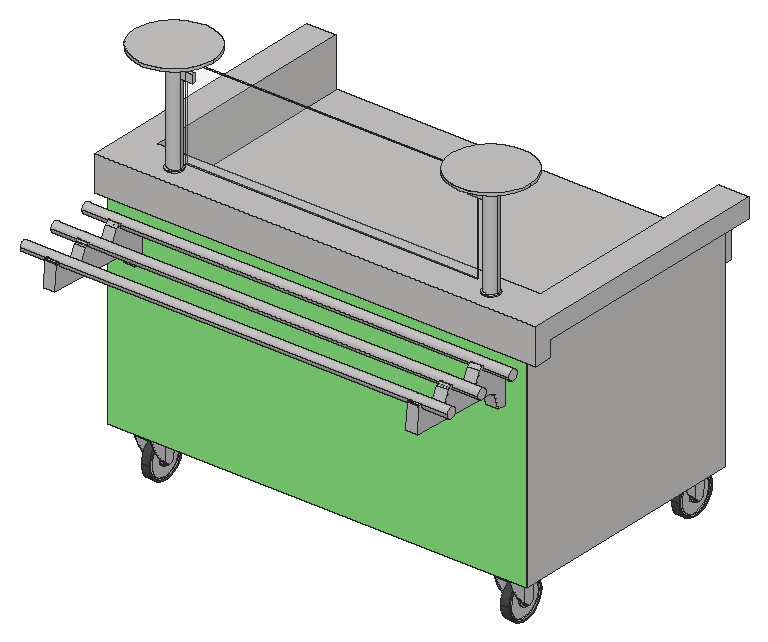
Revit family "QF_BOURGEAT_Self_GN3_Meuble_neutre_dessus_decaisse", category Equipement spécialisé, Revit 2015
Parameters (values of type "GN3_+_roues_+_pare_haleine")
  lg_pare_haleine = 980 mm
  URL catalogue = "http://www.bourgeat.fr/fr/"
  URL = ""
  Type article = ""
  Spécification du Fabricant = "Meuble_dessus_decaisse_OASIS"
  Roues = yes
  Profondeur hors tout = 820 mm
  Poids net à vide = 145.00 kg
  Pieds = no
  lgmeuble = Longueur hors tout - 68 mm  # 1297 mm
  lgconsole = Longueur hors tout - 44 mm  # 1321 mm
  Pare_haleine = yes
  Nature isolant = "laine de verre"
  Modèle = "854123+854950+854973"
  Longueur hors tout = 1365 mm
  Hauteur hors tout = 1310 mm
  Fabricant = "BOURGEAT"
  Etageres = no
  Contact SAV = "0033 (0)4.76.32.14.44"
  Charge max = 150.00 kg
  Certification = "NF alimentaire"
Types (8, lengths in mm): name | Roues | Pieds | Pare_haleine | Modèle | Hauteur hors tout | Etageres
  GN3_+_pied | no | yes | no | "854123" | 900 | no
  GN3_+_etageres | no | yes | no | "854123+854963" | 900 | yes
  GN3_+_pare_haleine | no | yes | yes | "854123+854973" | 1310 | no
  GN3_+_roues | yes | no | no | "854123+854950" | 900 | no
  GN3_+_roues_+_etageres | yes | no | no | "854123+854950+854963" | 900 | yes
  GN3_+_roues_+_pare_haleine | yes | no | yes | "854123+854950+854973" | 1310 | no
  GN3_+_roues_+_etageres_+_pare_haleine | yes | no | yes | "854123+854950+854963+854973" | 1310 | yes
  GN3_+_etageres_+_pare_haleine | no | yes | yes | "854123+854963" | 1310 | yes
Reference planes
  plane 1 "Centre (avant/arrière)": y = 0
  plane 2: z = 0
  plane 3 "Centre (gauche/droite)": x = 0
  plane 4: z = 235
  plane 5: z = 465
  plane 6: z = 284
  plane 7: z = 640
  plane 8: y = 812
  plane 9: y = 58
  plane 10: y = 590
  plane 11: x = -1052.5
Forms (mm)
  Extrusion 1, solid
    sketch origin (-964.434, 20.176, 0) x (1, 0, 0) y (0, 1, 0)
      loop
        circle (-88.066, 569.824) r 10
    from 149.89 to 160
  Extrusion 2, solid
    sketch origin (22.434, 20.176, 0) x (-1, 0, 0) y (0, -1, 0)
      loop
        circle (-88.066, -569.824) r 10
    from 149.89 to 160
Dimensions and locks
  locked: plane 4 to plane 2 at 235
  locked: plane 6 to plane 2 at 284
  locked: plane 7 to plane 2 at 640
  equal spacing: nested 4, plane 9, nested 4, locked at 66 each
  locked: nested 5 to plane 10 at 175
  locked: nested 5 to plane 11 at 66
  aligned and locked: level to plane 2
  aligned and locked: plane 7 to nested 1
  aligned and locked: plane 4 to nested 3
  aligned and locked: nested 2 to plane 5
  aligned and locked: plane 1 "Centre (avant/arrière)" to nested 5
  aligned and locked: nested 4 to plane 8
  aligned and locked: nested 4 to nested 5
  aligned and locked: nested 4 to nested 2
  aligned and locked: nested 4 to nested 3
  aligned and locked: nested 4 to nested 1
  aligned and locked: nested 5 to plane 2
  aligned and locked: nested 6 to nested 4
  aligned and locked: nested 6 to plane 9
  aligned and locked: nested 4 to nested 6
  aligned and locked: nested 1 to nested 5
  aligned and locked: plane 11 to Extrusion 1 sketch curve
  aligned and locked: plane 10 to Extrusion 1 sketch curve
  aligned and locked: plane 7 to nested 7
  aligned and locked: nested 7 to nested 5
Automatic sketch dimensions
  plane 10 to Extrusion 2 sketch curve = 0 mm
  Extrusion 2 sketch curve to plane 3 "Centre (gauche/droite)" = 110.5 mm
  radius of Extrusion 1 sketch curve = 10 mm
  radius of Extrusion 2 sketch curve = 10 mm
Nested families
  nested 1: "barre_et_console" at (-471, 0, 465) x (-1, 0, 0) z (0, 0, 1), type "barre_et_console"
    with lg_ht 1365 mm, lg_barre_console 1321 mm
  nested 2: "etagere" at (-471, 100.176, 427) x (-1, 0, 0) z (0, 0, 1), visible <- "Etageres", type "etagere"
    with lg_etagere 893 mm
  nested 3: "etagere" at (-471, 100.176, 197) x (-1, 0, 0) z (0, 0, 1), visible <- "Etageres", type "etagere"
    with lg_etagere 893 mm
  nested 4: "cuve_2GN" at (-471, 402, 705) x (-1, 0, 0) z (0, 0, 1), type "cuve_2GN"
  nested 5: "corps_meuble_dessus_decaisse" at (176.5, 0, 160), type "corps_meuble_dessus_decaisse"
    with lg_meuble 1295 mm, lg_ht 1365 mm
  nested 6: "pare_haleine" at (-471, 58, 900), visible <- "Pare_haleine", type "pare_haleine"
    with lg_ht 980 mm, lg_entre_axe 980 mm
  nested 7: "Prise" at (-916.5, 637, 597) x (0, 1, 0) z (0, 0, 1), type "Prise"
Connectors
  electrical at (-1052.5, 590, 149.89)
    settings: on Extrusion 1, index 1, voltage 0 V, apparent load 0 VA, apparent load phase1 0 VA, apparent load phase2 0 VA, apparent load phase3 0 VA, power factor 1, load classification "Autre", number of poles 1, system type 30, power factor state 1, is connector primary yes, connector utility no, sub classification motor no, connector description ""
  electrical at (110.5, 590, 149.89)
    settings: on Extrusion 2, index 2, voltage 0 V, apparent load 0 VA, apparent load phase1 0 VA, apparent load phase2 0 VA, apparent load phase3 0 VA, power factor 1, load classification "Autre", number of poles 1, system type 30, power factor state 1, is connector primary no, connector utility no, sub classification motor no, connector description ""
Definition of nested family "barre_et_console"
  Parameters (values of type "barre_et_console")
    lg_ht = 1014 mm
    lg_barre_console = lg_ht - 44 mm  # 970 mm
  Reference planes
    plane 1 "Centre (avant/arrière)": y = 0
    plane 2: z = 0
    plane 3 "Centre (gauche/droite)": x = 0
    plane 4: x = -485
    plane 5: x = 485
    plane 6: x = -385
    plane 7: x = 385
    plane 8: z = 320.378
    plane 9: z = 175
  Dimensions and locks
    locked: plane 4 to plane 6 at 100
    locked: plane 7 to plane 5 at 100
    equal spacing: plane 4, plane 3 "Centre (gauche/droite)", plane 5
    "lg_barre_console": plane 4 to plane 5
    aligned and locked: level to plane 2
    aligned and locked: nested 1 to plane 1 "Centre (avant/arrière)"
    aligned and locked: plane 6 to nested 1
    aligned and locked: plane 7 to nested 2
    aligned and locked: plane 5 to nested 3
    aligned and locked: nested 3 to plane 4
    aligned and locked: plane 8 to nested 3
    aligned and locked: plane 9 to nested 1
  Nested families
    nested 1: "console" at (-385, 0, 0) x (0, 1, 0) z (0, 0, 1), type "console"
    nested 2: "console" at (385, 0, 0) x (0, 1, 0) z (0, 0, 1), type "console"
    nested 3: "barre" at (485, 0, 19.415) x (0, 1, 0) z (0, 0, 1), type "barre"
  Definition of nested family "console"
    Reference planes
      plane 1 "Centre (avant/arrière)": y = 0
      plane 2: z = 0
      plane 3 "Centre (gauche/droite)": x = 0
      plane 4: y = 18
      plane 5: y = -18
      plane 6: y = 0
    Forms (mm)
      Extrusion 1, solid
        sketch origin (-12.245, 0, 175) x (1, 0, 0) y (0, 0, 1)
          loop
            line (12.245, 100) -> (12.245, 0) -> (39.579, 4.82) -> (50.894, 44.279)
            arc (50.894, 44.279) -> (55.986, 52.254) -> (64.592, 56.187) r 16.714
            line (64.592, 56.187) -> (348.499, 69.146) -> (343.309, 143.358)
            arc (343.309, 143.358) -> (342.973, 144.595) -> (342.189, 145.609) r 3.292
            line (342.189, 145.609) -> (337.923, 148.439)
            arc (337.923, 148.439) -> (337.371, 148.545) -> (336.906, 148.229) r 0.731
            arc (336.906, 148.229) -> (320.176, 130.386) -> (309.012, 152.149) r 14.958
            arc (309.012, 152.149) -> (308.597, 152.587) -> (308.001, 152.491) r 0.646
            line (308.001, 152.491) -> (297.265, 144.401) -> (278.874, 108.385)
            arc (278.874, 108.385) -> (262.102, 99.164) -> (245.329, 108.385) r 19.864
            line (245.329, 108.385) -> (229.634, 139.188) -> (217.945, 148.321)
            arc (217.945, 148.321) -> (217.306, 148.53) -> (216.976, 147.944) r 0.53
            arc (216.976, 147.944) -> (200.124, 130.629) -> (188.973, 152.064) r 14.905
            arc (188.973, 152.064) -> (188.691, 152.524) -> (188.154, 152.476) r 0.511
            line (188.154, 152.476) -> (177.098, 144.144) -> (158.855, 108.341)
            arc (158.855, 108.341) -> (142.039, 98.901) -> (125.223, 108.341) r 19.698
            line (125.223, 108.341) -> (109.334, 139.526) -> (97.932, 148.434)
            arc (97.932, 148.434) -> (97.187, 148.438) -> (96.994, 147.718) r 0.61
            arc (96.994, 147.718) -> (79.923, 130.663) -> (69.024, 152.192) r 14.902
            arc (69.024, 152.192) -> (68.66, 152.548) -> (68.158, 152.464) r 0.563
            line (68.158, 152.464) -> (57.103, 144.336) -> (39.164, 108.745)
            arc (39.164, 108.745) -> (33.443, 102.448) -> (25.295, 100) r 15.908
            line (25.295, 100) -> (12.245, 100)
        from -18 to 18
    Dimensions and locks
      plane 4 to plane 5 = 36 mm
      equal spacing: plane 4, plane 6, plane 5, locked at 18 each
      aligned and locked: level to plane 2
      aligned and locked: plane 4 to Extrusion 1
      aligned and locked: Extrusion 1 to plane 5
      aligned and locked: plane 6 to plane 1 "Centre (avant/arrière)"
      aligned and locked: Extrusion 1 to plane 3 "Centre (gauche/droite)"
    Automatic sketch dimensions
      Extrusion 1 sketch curve to Extrusion 1 sketch curve = 12.714 mm
      Extrusion 1 sketch curve to Extrusion 1 sketch curve = 13.05 mm
      Extrusion 1 sketch curve to Extrusion 1 sketch curve = 14.206 mm
      Extrusion 1 sketch curve to Extrusion 1 sketch curve = 27.334 mm
      Extrusion 1 sketch curve to Extrusion 1 sketch curve = 11.315 mm
      Extrusion 1 sketch curve to Extrusion 1 sketch curve = 17.938 mm
      Extrusion 1 sketch curve to Extrusion 1 sketch curve = 13.698 mm
      Extrusion 1 sketch curve to Extrusion 1 sketch curve = 16.057 mm
      Extrusion 1 sketch curve to Extrusion 1 sketch curve = 11.055 mm
      Extrusion 1 sketch curve to Extrusion 1 sketch curve = 0.333 mm
      Extrusion 1 sketch curve to Extrusion 1 sketch curve = 13.785 mm
      Extrusion 1 sketch curve to Extrusion 1 sketch curve = 15.28 mm
      Extrusion 1 sketch curve to Extrusion 1 sketch curve = 0.376 mm
      Extrusion 1 sketch curve to Extrusion 1 sketch curve = 11.401 mm
      Extrusion 1 sketch curve to Extrusion 1 sketch curve = 15.89 mm
      Extrusion 1 sketch curve to Extrusion 1 sketch curve = 16.816 mm  (x2)
      Extrusion 1 sketch curve to Extrusion 1 sketch curve = 18.243 mm
      Extrusion 1 sketch curve to Extrusion 1 sketch curve = 11.057 mm
      Extrusion 1 sketch curve to Extrusion 1 sketch curve = 0.308 mm
      Extrusion 1 sketch curve to Extrusion 1 sketch curve = 13.831 mm
      Extrusion 1 sketch curve to Extrusion 1 sketch curve = 15.204 mm
      Extrusion 1 sketch curve to Extrusion 1 sketch curve = 0.447 mm
      Extrusion 1 sketch curve to Extrusion 1 sketch curve = 11.69 mm
      Extrusion 1 sketch curve to Extrusion 1 sketch curve = 15.695 mm
      Extrusion 1 sketch curve to Extrusion 1 sketch curve = 16.772 mm  (x2)
      Extrusion 1 sketch curve to Extrusion 1 sketch curve = 18.391 mm
      Extrusion 1 sketch curve to Extrusion 1 sketch curve = 10.737 mm
      Extrusion 1 sketch curve to Extrusion 1 sketch curve = 0.389 mm
      Extrusion 1 sketch curve to Extrusion 1 sketch curve = 13.868 mm
      Extrusion 1 sketch curve to Extrusion 1 sketch curve = 15.261 mm
      Extrusion 1 sketch curve to Extrusion 1 sketch curve = 0.404 mm
      Extrusion 1 sketch curve to Extrusion 1 sketch curve = 2.506 mm
      Extrusion 1 sketch curve to Extrusion 1 sketch curve = 2.164 mm
      Extrusion 1 sketch curve to Extrusion 1 sketch curve = 1.12 mm
      Extrusion 1 sketch curve to Extrusion 1 sketch curve = 5.189 mm
      Extrusion 1 sketch curve to Extrusion 1 sketch curve = 4.639 mm
      Extrusion 1 sketch curve to Extrusion 1 sketch curve = 55.721 mm
      Extrusion 1 sketch curve to Extrusion 1 sketch curve = 8.745 mm
      Extrusion 1 sketch curve to Extrusion 1 sketch curve = 10.259 mm
      Extrusion 1 sketch curve to Extrusion 1 sketch curve = 10.642 mm
      Extrusion 1 sketch curve to Extrusion 1 sketch curve = 9.133 mm
      Extrusion 1 sketch curve to Extrusion 1 sketch curve = 31.185 mm
      Extrusion 1 sketch curve to Extrusion 1 sketch curve = 35.803 mm
      Extrusion 1 sketch curve to Extrusion 1 sketch curve = 35.592 mm
      Extrusion 1 sketch curve to Extrusion 1 sketch curve = 3.24 mm
      Extrusion 1 sketch curve to Extrusion 1 sketch curve = 2.946 mm
      Extrusion 1 sketch curve to Extrusion 1 sketch curve = 1.042 mm
      Extrusion 1 sketch curve to Extrusion 1 sketch curve = 0.609 mm
      Extrusion 1 sketch curve to Extrusion 1 sketch curve = 8.427 mm
      Extrusion 1 sketch curve to Extrusion 1 sketch curve = 0.286 mm
      Extrusion 1 sketch curve to Extrusion 1 sketch curve = 0.481 mm
      Extrusion 1 sketch curve to Extrusion 1 sketch curve = 0.516 mm
      Extrusion 1 sketch curve to Extrusion 1 sketch curve = 7.674 mm
      Extrusion 1 sketch curve to Extrusion 1 sketch curve = 7.924 mm
      Extrusion 1 sketch curve to Extrusion 1 sketch curve = 0.453 mm
      Extrusion 1 sketch curve to Extrusion 1 sketch curve = 0.408 mm
      Extrusion 1 sketch curve to Extrusion 1 sketch curve = 0.533 mm
      Extrusion 1 sketch curve to Extrusion 1 sketch curve = 0.511 mm
      Extrusion 1 sketch curve to Extrusion 1 sketch curve = 0.622 mm
      Extrusion 1 sketch curve to Extrusion 1 sketch curve = 4.82 mm
      Extrusion 1 sketch curve to Extrusion 1 sketch curve = 34.82 mm
      Extrusion 1 sketch curve to Extrusion 1 sketch curve = 76.232 mm
      Extrusion 1 sketch curve to Extrusion 1 sketch curve = 37.038 mm
      Extrusion 1 sketch curve to Extrusion 1 sketch curve = 39.239 mm
      Extrusion 1 sketch curve to Extrusion 1 sketch curve = 30.803 mm
      Extrusion 1 sketch curve to Extrusion 1 sketch curve = 34.743 mm
      Extrusion 1 sketch curve to Extrusion 1 sketch curve = 0.23 mm
      Extrusion 1 sketch curve to Extrusion 1 sketch curve = 36.015 mm
      Extrusion 1 sketch curve to Extrusion 1 sketch curve = 2.071 mm
      Extrusion 1 sketch curve to Extrusion 1 sketch curve = 7.575 mm
      Extrusion 1 sketch curve to plane 3 "Centre (gauche/droite)" = 0 mm
      level to Extrusion 1 sketch curve = 175 mm
  Definition of nested family "barre"
    Parameters (values of type "barre")
      lg_barre = 970 mm
    Reference planes
      plane 1 "Centre (avant/arrière)": y = 0
      plane 2: z = 0
      plane 3 "Centre (gauche/droite)": x = 0
      plane 4: x = 70
      plane 5: x = 190
      plane 6: x = 309
      plane 7: z = 300.963
      plane 8: z = 94.658
      plane 9: y = 0
      plane 10: y = 970
    Forms (mm)
      Extrusion 1, solid
        sketch origin (0, 0, 0) x (1, 0, 0) y (0, 0, 1)
          loop
            circle (70, 300.963) r 15
          loop
            circle (190, 300.963) r 15
          loop
            circle (309, 300.963) r 15
        from 0 to -970
    Dimensions and locks
      plane 4 to plane 3 "Centre (gauche/droite)" = 70 mm
      plane 6 to plane 5 to plane 4 = 119 mm, 120 mm
      "lg_barre": plane 10 to plane 1 "Centre (avant/arrière)"
      aligned and locked: level to plane 2
      aligned and locked: Extrusion 1 to plane 9
      aligned and locked: plane 9 to plane 1 "Centre (avant/arrière)"
      aligned and locked: plane 10 to Extrusion 1
    Automatic sketch dimensions
      Extrusion 1 sketch curve to plane 4 = 0 mm
      Extrusion 1 sketch curve to plane 5 = 0 mm
      Extrusion 1 sketch curve to plane 6 = 0 mm
      Extrusion 1 sketch curve to plane 7 = 0 mm  (x3)
      radius of Extrusion 1 sketch curve = 15 mm  (x3)
Definition of nested family "etagere"
  Parameters (values of type "etagere")
    lg_etagere = 542 mm
  Reference planes
    plane 1 "Centre (avant/arrière)": y = 0
    plane 2: z = 0
    plane 3 "Centre (gauche/droite)": x = 0
    plane 4: y = -625
    plane 5: y = -623
    plane 6: y = -2
    plane 7: x = 0
  Forms (mm)
    Extrusion 1, solid
      sketch origin (0, 0, 0) x (0, 1, 0) y (0, 0, 1)
        loop
          line (0, 119.481) -> (-2, 119.481) -> (-2, 40) -> (-625, 40) -> (-625, 0) -> (-623, 0) -> (-623, 38) -> (0, 38) -> (0, 119.481)
      from -271 to 271
  Dimensions and locks
    locked: plane 6 to plane 1 "Centre (avant/arrière)" at 2
    locked: plane 4 to plane 5 at 2
    plane 4 to plane 1 "Centre (avant/arrière)" = 625 mm
    equal spacing: Extrusion 1, plane 7, Extrusion 1
    "lg_etagere": Extrusion 1 to Extrusion 1
    aligned and locked: level to plane 2
    aligned and locked: plane 2 to Extrusion 1 sketch curve
    aligned and locked: plane 1 "Centre (avant/arrière)" to Extrusion 1 sketch curve
    aligned and locked: plane 4 to Extrusion 1
    aligned and locked: plane 5 to Extrusion 1
    aligned and locked: Extrusion 1 to plane 6
    aligned and locked: plane 3 "Centre (gauche/droite)" to plane 7
  Automatic sketch dimensions
    Extrusion 1 sketch curve to plane 4 = 0 mm
    Extrusion 1 sketch curve to plane 5 = 0 mm
    Extrusion 1 sketch curve to plane 6 = 0 mm
    level to Extrusion 1 sketch curve = 38 mm
    Extrusion 1 sketch curve to Extrusion 1 sketch curve = 2 mm
    Extrusion 1 sketch curve to Extrusion 1 sketch curve = 79.481 mm
Definition of nested family "cuve_2GN"
  Parameters (values of type "cuve_2GN")
    longueur_cuve = 1365 mm
  Reference planes
    plane 1 "Centre (avant/arrière)": y = 0
    plane 2: z = 0
    plane 3 "Centre (gauche/droite)": x = 0
    plane 4: x = 682.5
    plane 5: x = -682.5
    plane 6: y = 410
    plane 7: y = -410
    plane 8: x = -592.5
    plane 9: x = 592.5
    plane 10: y = 278
    plane 11: z = 195
    plane 12: x = -628.5
    plane 13: x = 628.5
    plane 14: z = 135
    plane 15: y = 356
    plane 16: z = 85
  Forms (mm)
    Extrusion 1, solid
      sketch origin (0, 0, 0) x (1, 0, 0) y (0, 1, 0)
        loop
          line (-682.5, 410) -> (-682.5, -410) -> (-592.5, -410) -> (-592.5, 278) -> (592.5, 278) -> (592.5, -410) -> (682.5, -410) -> (682.5, 410) -> (-682.5, 410)
      from 0 to 195
    Extrusion 2, solid
      sketch origin (0, 0, 0) x (1, 0, 0) y (0, 0, 1)
        loop
          line (-592.5, 0) -> (592.5, 0) -> (592.5, 45.074) -> (-592.5, 45.074) -> (-592.5, 0)
      from -278 to 410
    Extrusion 3, void
      sketch origin (0, 0, 0) x (1, 0, 0) y (0, 0, 1)
        loop
          line (-1122.631, 135) -> (-1122.631, -78.924) -> (-628.5, -78.924) -> (-628.5, 135) -> (-1122.631, 135)
        loop
          line (1154.213, 135) -> (628.5, 135) -> (628.5, -387.537) -> (1154.213, -387.537) -> (1154.213, 135)
      from -356 to 637.488
    Extrusion 4, void
      sketch origin (0, 0, 0) x (0, 1, 0) y (0, 0, 1)
        loop
          line (356, 85) -> (356, 0) -> (410, 0) -> (410, 85) -> (356, 85)
      from -682.5 to 682.5
  Cuts and joins
    Extrusion 3, Extrusion 4 cuts Extrusion 1
  Dimensions and locks
    equal spacing: plane 5, plane 3 "Centre (gauche/droite)", plane 4
    "longueur_cuve": plane 5 to plane 4
    plane 6 to plane 7 = 820 mm
    equal spacing: plane 6, plane 1 "Centre (avant/arrière)", plane 7
    locked: plane 5 to plane 8 at 90
    locked: plane 9 to plane 4 at 90
    locked: plane 6 to plane 10 at 132
    locked: plane 5 to plane 12 at 54
    locked: plane 4 to plane 13 at 54
    aligned and locked: level to plane 2
    aligned and locked: Extrusion 1 sketch curve to plane 6
    aligned and locked: Extrusion 1 sketch curve to plane 5
    aligned and locked: Extrusion 1 sketch curve to plane 4
    aligned and locked: Extrusion 1 sketch curve to plane 7
    aligned and locked: plane 8 to Extrusion 1 sketch curve
    aligned and locked: Extrusion 1 sketch curve to plane 10
    aligned and locked: plane 9 to Extrusion 1 sketch curve
    aligned and locked: plane 7 to Extrusion 1 sketch curve
    aligned and locked: Extrusion 1 to plane 11
    aligned and locked: Extrusion 2 to Extrusion 1  (x2)
    aligned and locked: Extrusion 3 sketch curve to plane 14  (x2)
    aligned and locked: Extrusion 3 sketch curve to plane 12
    aligned and locked: Extrusion 3 sketch curve to plane 13
    aligned and locked: plane 15 to Extrusion 3
    aligned and locked: plane 16 to Extrusion 4 sketch curve
    aligned and locked: plane 15 to Extrusion 4 sketch curve
    aligned and locked: Extrusion 4 sketch curve to cut or joined group of Extrusion 1, Extrusion 3, Extrusion 4  (x2)
    aligned and locked: Extrusion 1 to Extrusion 4
    aligned and locked: Extrusion 4 to Extrusion 1
  Automatic sketch dimensions
    Extrusion 2 sketch curve to plane 8 = 0 mm
    plane 9 to Extrusion 2 sketch curve = 0 mm
    Extrusion 2 sketch curve to level = 0 mm
    level to Extrusion 2 sketch curve = 45.074 mm
    plane 5 to Extrusion 3 sketch curve = 440.131 mm
    plane 4 to Extrusion 3 sketch curve = 471.713 mm
    Extrusion 3 sketch curve to level = 387.537 mm
    Extrusion 3 sketch curve to level = 78.924 mm
Definition of nested family "corps_meuble_dessus_decaisse"
  Parameters (values of type "corps_meuble_dessus_decaisse")
    roues = yes
    pieds = no
    lg_meuble = lg_ht - 70 mm  # 944 mm
    lg_ht = 1014 mm
  Reference planes
    plane 1 "Centre (avant/arrière)": y = 0
    plane 2: z = 0
    plane 3 "Centre (gauche/droite)": x = 0
    plane 4: x = -480.227
    plane 5: z = 680
    plane 6: x = -472
    plane 7: x = -379.227
    plane 8: x = -944
    plane 9: x = -926
    plane 10: x = -202
    plane 11: x = -18
    plane 12: x = -742
    plane 13: x = -854
    plane 14: x = -90
    plane 15: z = 519
    plane 16: x = -851
    plane 17: x = -93
    plane 18: y = 53
    plane 19: y = 712
    plane 20: y = 402
    plane 21: z = 570
    plane 22: y = -1
  Forms (mm)
    Extrusion 1, solid
      sketch origin (-379.227, -50.814, 0) x (1, 0, 0) y (0, 1, 0)
        loop
          line (-564.773, 815.814) -> (-564.773, 50.814) -> (379.227, 50.814) -> (379.227, 815.814) -> (177.227, 815.814) -> (177.227, 130.814) -> (-362.773, 130.814) -> (-362.773, 815.814) -> (-564.773, 815.814)
      from 0 to 680
    Extrusion 2, void
      sketch origin (-379.227, 0, 0) x (1, 0, 0) y (0, 1, 0)
        loop
          line (-546.773, 870) -> (-546.773, 80) -> (361.227, 80) -> (361.227, 870) -> (-546.773, 870)
      from 570 to 680
    Extrusion 3, solid
      sketch origin (0, 0, 0) x (1, 0, 0) y (0, 0, 1)
        loop
          line (-944, 680) -> (-944, 0) -> (0, 0) -> (0, 680) -> (-944, 680)
      from 0 to 1
  Cuts and joins
    Extrusion 2 cuts Extrusion 1
  Dimensions and locks
    locked: plane 5 to plane 2 at 680
    plane 8 to plane 9 = 18 mm
    locked: plane 10 to plane 3 "Centre (gauche/droite)" at 202
    locked: plane 11 to plane 3 "Centre (gauche/droite)" at 18
    equal spacing: plane 8, plane 6, plane 3 "Centre (gauche/droite)"
    "lg_meuble": plane 8 to plane 3 "Centre (gauche/droite)"
    locked: plane 8 to plane 12 at 202
    locked: plane 8 to plane 13 at 90
    locked: plane 14 to plane 3 "Centre (gauche/droite)" at 90
    locked: plane 15 to plane 2 at 519
    locked: plane 8 to plane 16 at 93
    locked: plane 17 to plane 3 "Centre (gauche/droite)" at 93
    locked: cut or joined group of Extrusion 1, Extrusion 2 to plane 20 at 363
    plane 5 to plane 21 = 110 mm
    aligned and locked: level to plane 2
    aligned and locked: plane 5 to Extrusion 1
    aligned and locked: cut or joined group of Extrusion 1, Extrusion 2 to plane 8
    aligned and locked: Extrusion 2 to plane 9
    aligned and locked: Extrusion 1 to plane 10
    aligned and locked: plane 11 to cut or joined group of Extrusion 1, Extrusion 2
    aligned and locked: plane 12 to cut or joined group of Extrusion 1, Extrusion 2
    aligned and locked: plane 13 to nested 1
    aligned and locked: plane 19 to nested 1
    aligned and locked: nested 2 to plane 18
    aligned and locked: plane 13 to nested 2
    aligned and locked: nested 3 to plane 18
    aligned and locked: plane 17 to nested 3
    aligned and locked: plane 19 to nested 4
    aligned and locked: plane 17 to nested 4
    aligned and locked: plane 17 to nested 7
    aligned and locked: plane 19 to nested 7
    aligned and locked: nested 8 to plane 18
    aligned and locked: plane 17 to nested 8
    aligned and locked: nested 6 to plane 18
    aligned and locked: plane 13 to nested 6
    aligned and locked: plane 13 to nested 5
    aligned and locked: plane 19 to nested 5
    aligned and locked: nested 2 to plane 2
    aligned and locked: nested 1 to plane 2
    aligned and locked: nested 5 to plane 2
    aligned and locked: nested 8 to plane 2
    aligned and locked: nested 7 to plane 2
    aligned and locked: nested 3 to plane 2
    aligned and locked: nested 4 to plane 2
    aligned and locked: cut or joined group of Extrusion 1, Extrusion 2 to plane 21
    aligned and locked: Extrusion 2 to Extrusion 1
    aligned and locked: Extrusion 3 sketch curve to cut or joined group of Extrusion 1, Extrusion 2  (x4)
    aligned and locked: Extrusion 3 to plane 22
  Automatic sketch dimensions
    Extrusion 1 sketch curve to plane 8 = 0 mm
    Extrusion 1 sketch curve to plane 10 = 0 mm
    plane 1 "Centre (avant/arrière)" to Extrusion 1 sketch curve = 0 mm
    Extrusion 1 sketch curve to plane 3 "Centre (gauche/droite)" = 0 mm
    Extrusion 1 sketch curve to plane 1 "Centre (avant/arrière)" = 80 mm
    Extrusion 1 sketch curve to plane 6 = 270 mm
    Extrusion 1 sketch curve to Extrusion 1 sketch curve = 685 mm
    Extrusion 1 sketch curve to Extrusion 1 sketch curve = 765 mm
    Extrusion 2 sketch curve to plane 9 = 0 mm
    Extrusion 2 sketch curve to plane 11 = 0 mm
    Extrusion 2 sketch curve to plane 1 "Centre (avant/arrière)" = 80 mm
    Extrusion 2 sketch curve to Extrusion 2 sketch curve = 790 mm
  Nested families
    nested 1: "pied" at (-854, 712, -160), visible <- "pieds", type "pied"
    nested 2: "pied" at (-854, 53, -160), visible <- "pieds", type "pied"
    nested 3: "pied" at (-93, 53, -160), visible <- "pieds", type "pied"
    nested 4: "pied" at (-93, 712, -160), visible <- "pieds", type "pied"
    nested 5: "roue_ht160" at (-854, 712, -160.21), visible <- "roues", type "roue_ht160"
      with Sans frein yes, Avec frein yes
    nested 6: "roue_ht160" at (-854, 53, -160.21), visible <- "roues", type "roue_ht160"
      with Sans frein yes, Avec frein yes
    nested 7: "roue_ht160" at (-93, 712, -160.21), visible <- "roues", type "roue_ht160"
      with Sans frein yes, Avec frein yes
    nested 8: "roue_ht160" at (-93, 53, -160.21), visible <- "roues", type "roue_ht160"
      with Sans frein yes, Avec frein yes
  Definition of nested family "pied"
    Reference planes
      plane 1 "Centre (avant/arrière)": y = 0
      plane 2: z = 0
      plane 3 "Centre (gauche/droite)": x = 0
    Forms (mm)
      Revolve 1, solid
        sketch origin (0, 0, 0) x (1, 0, 0) y (0, 0, 1)
          loop
            line (0, 160) -> (-33, 160) -> (-33, 70) -> (-28, 70) -> (-28, 0) -> (0, 0) -> (0, 160)
          axis (0, 160) -> (0, 0)
        angle from 0 to 360
    Dimensions and locks
      plane 3 "Centre (gauche/droite)" to Revolve 1 sketch curve = 28 mm
      Revolve 1 sketch curve to plane 3 "Centre (gauche/droite)" = 33 mm
      Revolve 1 sketch curve to plane 2 = 70 mm
      Revolve 1 sketch curve to Revolve 1 sketch curve = 90 mm
      aligned and locked: level to plane 2
  Definition of nested family "roue_ht160"
    Parameters (values of type "roue_ht160")
      Sans frein [instance] = yes
      Avec frein [instance] = yes
    Reference planes
      plane 1 "Centre (avant/arrière)": y = 0
      plane 2: z = 0
      plane 3 "Centre (gauche/droite)": x = 0
      plane 4: y = 40.851
      plane 5: z = 62.5
    Forms (mm)
      Extrusion 1, solid
        sketch origin (0, 0, 0) x (0, 1, 0) y (0, 0, 1)
          loop
            circle (40.851, 62.5) r 62.5
          loop
            circle (40.851, 62.5) r 57.5
        from -12.5 to 12.5
      Revolve 2, solid
        sketch origin (0, 0, 0) x (0, 1, 0) y (0, 0, 1)
          loop
            line (0, 160.21) -> (-20.149, 160.21) -> (-20.149, 159.41) -> (-21.6, 159.41)
            arc (-21.6, 159.41) -> (-24.448, 158.65) -> (-26.537, 156.572) r 5.712
            line (-26.537, 156.572) -> (-30.146, 147.743) -> (-26.999, 147.062) -> (-26.999, 146.112)
            arc (-26.999, 146.112) -> (-27.23, 145.314) -> (-27.849, 144.761) r 1.5
            arc (-27.849, 144.761) -> (-29.223, 143.633) -> (-29.923, 142) r 3.75
            line (-29.923, 142) -> (0, 142) -> (0, 160.21)
          axis (0, 160.21) -> (0, 142)
        angle from 0 to 360
      Extrusion 3, solid
        sketch origin (0, 0, 0) x (0, 1, 0) y (0, 0, -1)
          loop
            line (-29.974, -138.241) -> (-29.974, -142) -> (21.747, -142) -> (21.747, -60.336)
            arc (21.747, -60.336) -> (10.272, -70.702) -> (-0.149, -82.127) r 160.057
            arc (-0.149, -82.127) -> (-17.883, -108.684) -> (-29.974, -138.241) r 159.585
        from -24.913 to -23.038
      Extrusion 4, solid
        sketch origin (0, 0, 0) x (0, 1, 0) y (0, 0, 1)
          loop
            line (-29.974, 142) -> (-29.974, 140.869) -> (21.747, 140.869) -> (21.747, 142) -> (-29.974, 142)
        from -23.038 to 23.038
      Extrusion 5, solid
        sketch origin (0, 0, 0) x (0, 1, 0) y (0, 0, 1)
          loop
            circle (40.851, 62.5) r 57.5
          loop
            circle (40.851, 62.5) r 55
        from -12.5 to 12.5
      Extrusion 6, solid
        sketch origin (0, 0, 0) x (0, 1, 0) y (0, 0, 1)
          loop
            circle (40.851, 62.5) r 55
        from -7 to 7
      Extrusion 7, solid
        sketch origin (0, 0, 0) x (0, 1, 0) y (0, 0, 1)
          loop
            circle (40.851, 62.5) r 21
        from 7 to 15
      Extrusion 8, solid
        sketch origin (0, 0, 0) x (0, 1, 0) y (0, 0, -1)
          loop
            circle (40.851, -62.5) r 16
        from -23.038 to -15
      Extrusion 9, solid, visible <- "Sans frein"
        sketch origin (0, 0, 0) x (0, 1, 0) y (0, 0, 1)
          loop
            arc (21.747, 60.336) -> (23.188, 59.17) -> (24.642, 58.02) r 161.23
            arc (24.642, 58.02) -> (29.34, 54.513) -> (34.187, 51.216) r 133.333
            arc (34.187, 51.216) -> (46.517, 50.3) -> (53.927, 60.198) r 12.867
            arc (53.927, 60.198) -> (54.714, 99.183) -> (46.119, 137.216) r 161.222
            arc (46.119, 137.216) -> (45.679, 138.887) -> (45.531, 140.609) r 10.076
            line (45.531, 140.609) -> (45.531, 142) -> (21.747, 142) -> (21.747, 60.336)
        from 23.038 to 24.913
      Extrusion 10, solid, visible <- "Sans frein"
        sketch origin (0, 0, 0) x (0, 1, 0) y (0, 0, 1)
          loop
            line (21.747, 142) -> (21.747, 140.701) -> (48.851, 140.701) -> (48.851, 142) -> (21.747, 142)
        from -23.038 to 23.038
      Extrusion 11, solid, visible <- "Avec frein"
        sketch origin (0, 0, 0) x (0, 1, 0) y (0, 0, 1)
          loop
            line (21.747, 142) -> (21.747, 60.336)
            arc (21.747, 60.336) -> (23.177, 59.179) -> (24.62, 58.038) r 160.008
            arc (24.62, 58.038) -> (29.041, 54.705) -> (33.574, 51.527) r 160
            arc (33.574, 51.527) -> (46.135, 50.422) -> (53.724, 60.491) r 13
            arc (53.724, 60.491) -> (55.279, 82.092) -> (53.902, 103.704) r 160
            arc (53.902, 103.704) -> (55.53, 108.653) -> (60.415, 110.463) r 6
            arc (60.415, 110.463) -> (80.625, 109.924) -> (100.725, 112.107) r 150
            arc (100.725, 112.107) -> (104.408, 113.406) -> (107.479, 115.819) r 12
            line (107.479, 115.819) -> (110.851, 121.523)
            arc (110.851, 121.523) -> (85.913, 134.651) -> (58.706, 142) r 127.902
            line (58.706, 142) -> (21.747, 142)
        from 23.038 to 24.913
      Extrusion 12, solid, visible <- "Avec frein"
        sketch origin (0, 0, 0) x (0, 1, 0) y (0, 0, 1)
          loop
            line (58.706, 142) -> (21.747, 142) -> (21.747, 140) -> (58.552, 140)
            arc (58.552, 140) -> (85.253, 132.762) -> (109.73, 119.866) r 125.902
            line (109.73, 119.866) -> (110.851, 121.523)
            arc (110.851, 121.523) -> (85.913, 134.651) -> (58.706, 142) r 127.902
        from -23.038 to 23.038
      Extrusion 13, solid, visible <- "Avec frein"
        sketch origin (0, 19.896, 18.175) x (0, 1, 0) y (0, 0, 1)
          loop
            line (87.583, 97.644) -> (91.829, 95.227)
            arc (91.829, 95.227) -> (93.8, 95.006) -> (95.312, 96.29) r 2.5
            arc (95.312, 96.29) -> (103.495, 100.002) -> (111.176, 104.666) r 74.999
            line (111.176, 104.666) -> (110.852, 105.929)
            arc (110.852, 105.929) -> (110.04, 107.086) -> (108.666, 107.417) r 2
            arc (108.666, 107.417) -> (101.396, 105.849) -> (94.512, 103.034) r 42.354
            line (94.512, 103.034) -> (93.479, 101.228) -> (93.285, 100.414) -> (91.69, 101.675) -> (90.401, 102.412) -> (87.583, 97.644)
        from -23.038 to 23.038
      Extrusion 14, solid, not visible
        sketch origin (0, 0, 0) x (0, 1, 0) y (0, 0, -1)
          loop
            line (-29.974, -138.241) -> (-29.974, -142) -> (21.747, -142) -> (21.747, -60.336)
            arc (21.747, -60.336) -> (10.272, -70.702) -> (-0.149, -82.127) r 160.057
            arc (-0.149, -82.127) -> (-17.883, -108.684) -> (-29.974, -138.241) r 159.585
        from -24.913 to -23.038
      Extrusion 15, solid, not visible
        sketch origin (0, 0, 0) x (0, 1, 0) y (0, 0, 1)
          loop
            circle (40.851, 62.5) r 21
        from 7 to 15
      Extrusion 16, solid, not visible
        sketch origin (0, 0, 0) x (0, 1, 0) y (0, 0, -1)
          loop
            circle (40.851, -62.5) r 16
        from -23.038 to -15
      Extrusion 17, solid, visible <- "Sans frein", not visible
        sketch origin (0, 0, 0) x (0, 1, 0) y (0, 0, 1)
          loop
            arc (21.747, 60.336) -> (23.188, 59.17) -> (24.642, 58.02) r 161.23
            arc (24.642, 58.02) -> (29.34, 54.513) -> (34.187, 51.216) r 133.333
            arc (34.187, 51.216) -> (46.517, 50.3) -> (53.927, 60.198) r 12.867
            arc (53.927, 60.198) -> (54.714, 99.183) -> (46.119, 137.216) r 161.222
            arc (46.119, 137.216) -> (45.679, 138.887) -> (45.531, 140.609) r 10.076
            line (45.531, 140.609) -> (45.531, 142) -> (21.747, 142) -> (21.747, 60.336)
        from 23.038 to 24.913
      Extrusion 18, solid, visible <- "Avec frein", not visible
        sketch origin (0, 0, 0) x (0, 1, 0) y (0, 0, 1)
          loop
            line (21.747, 142) -> (21.747, 60.336)
            arc (21.747, 60.336) -> (23.177, 59.179) -> (24.62, 58.038) r 160.008
            arc (24.62, 58.038) -> (29.041, 54.705) -> (33.574, 51.527) r 160
            arc (33.574, 51.527) -> (46.135, 50.422) -> (53.724, 60.491) r 13
            arc (53.724, 60.491) -> (55.279, 82.092) -> (53.902, 103.704) r 160
            arc (53.902, 103.704) -> (55.53, 108.653) -> (60.415, 110.463) r 6
            arc (60.415, 110.463) -> (80.625, 109.924) -> (100.725, 112.107) r 150
            arc (100.725, 112.107) -> (104.408, 113.406) -> (107.479, 115.819) r 12
            line (107.479, 115.819) -> (110.851, 121.523)
            arc (110.851, 121.523) -> (85.913, 134.651) -> (58.706, 142) r 127.902
            line (58.706, 142) -> (21.747, 142)
        from 23.038 to 24.913
      Extrusion 19, solid
        sketch origin (0, 0, 0) x (0, -1, 0) y (0, 0, -1)
          loop
            arc (29.974, -138.241) -> (17.883, -108.684) -> (0.149, -82.127) r 159.585
            arc (0.149, -82.127) -> (-10.272, -70.702) -> (-21.747, -60.336) r 160.057
            line (-21.747, -60.336) -> (-21.747, -142) -> (29.974, -142) -> (29.974, -138.241)
        from -24.913 to -23.038
      Extrusion 20, solid
        sketch origin (0, 0, 0) x (0, -1, 0) y (0, 0, 1)
          loop
            circle (-40.851, 62.5) r 21
        from 7 to 15
      Extrusion 21, solid
        sketch origin (0, 0, 0) x (0, -1, 0) y (0, 0, -1)
          loop
            circle (-40.851, -62.5) r 16
        from -23.038 to -15
      Extrusion 22, solid, visible <- "Sans frein"
        sketch origin (0, 0, 0) x (0, -1, 0) y (0, 0, 1)
          loop
            line (-21.747, 60.336) -> (-21.747, 142) -> (-45.531, 142) -> (-45.531, 140.609)
            arc (-45.531, 140.609) -> (-45.679, 138.887) -> (-46.119, 137.216) r 10.076
            arc (-46.119, 137.216) -> (-54.714, 99.183) -> (-53.927, 60.198) r 161.222
            arc (-53.927, 60.198) -> (-46.517, 50.3) -> (-34.187, 51.216) r 12.867
            arc (-34.187, 51.216) -> (-29.34, 54.513) -> (-24.642, 58.02) r 133.333
            arc (-24.642, 58.02) -> (-23.188, 59.17) -> (-21.747, 60.336) r 161.23
        from 23.038 to 24.913
      Extrusion 23, solid, visible <- "Avec frein"
        sketch origin (0, 0, 0) x (0, -1, 0) y (0, 0, 1)
          loop
            line (-21.747, 142) -> (-58.706, 142)
            arc (-58.706, 142) -> (-85.913, 134.651) -> (-110.851, 121.523) r 127.902
            line (-110.851, 121.523) -> (-107.479, 115.819)
            arc (-107.479, 115.819) -> (-104.408, 113.406) -> (-100.725, 112.107) r 12
            arc (-100.725, 112.107) -> (-80.625, 109.924) -> (-60.415, 110.463) r 150
            arc (-60.415, 110.463) -> (-55.53, 108.653) -> (-53.902, 103.704) r 6
            arc (-53.902, 103.704) -> (-55.279, 82.092) -> (-53.724, 60.491) r 160
            arc (-53.724, 60.491) -> (-46.135, 50.422) -> (-33.574, 51.527) r 13
            arc (-33.574, 51.527) -> (-29.041, 54.705) -> (-24.62, 58.038) r 160
            arc (-24.62, 58.038) -> (-23.177, 59.179) -> (-21.747, 60.336) r 160.008
            line (-21.747, 60.336) -> (-21.747, 142)
        from 23.038 to 24.913
    Dimensions and locks
      aligned and locked: level to plane 2
Definition of nested family "pare_haleine"
  Parameters (values of type "pare_haleine")
    lg_ht = 560 mm
    lg_entre_axe = 560 mm
  Reference planes
    plane 1 "Centre (avant/arrière)": y = 0
    plane 2: z = 0
    plane 3 "Centre (gauche/droite)": x = 0
    plane 4: x = -280
    plane 5: x = -401
    plane 6: x = 280
    plane 7: x = 401
    plane 8: z = 341.5
    plane 9: z = 333.5
    plane 10: z = 5
    plane 11: x = -255
    plane 12: x = -305
    plane 13: x = 510
    plane 14: x = 255
    plane 15: z = 281
    plane 16: x = -241
    plane 17: x = 241
    plane 18: z = 22
    plane 19: z = 312
    plane 20: y = 3
    plane 21: y = -3
  Forms (mm)
    Extrusion 1, solid
      sketch origin (0, 0, 0) x (1, 0, 0) y (0, 1, 0)
        loop
          circle (-280, 0) r 121
        loop
          circle (280, 0) r 121.15
      from 333.5 to 341.5
    Extrusion 2, solid
      sketch origin (0, 0, 0) x (1, 0, 0) y (0, 1, 0)
        loop
          circle (-280, 0) r 21.2
        loop
          circle (280, 0) r 21.2
      from 5 to 333.5
    Revolve 3, solid
      sketch origin (0, 0, 0) x (1, 0, 0) y (0, 0, 1)
        loop
          line (-305, 0) -> (-280, 0) -> (-280, 5) -> (-301.196, 5) -> (-305, 1.196) -> (-305, 0)
        axis (-280, 5) -> (-280, 0)
      angle from 0 to 360
    Revolve 4, solid
      sketch origin (0, 0, 0) x (1, 0, 0) y (0, 0, 1)
        loop
          line (255, 0) -> (280, 0) -> (280, 5) -> (258.846, 5) -> (255, 1.154) -> (255, 0)
        axis (280, 5) -> (280, 0)
      angle from 0 to 360
    Extrusion 5, solid
      sketch origin (-45.855, 0, 0) x (1, 0, 0) y (0, 1, 0)
        loop
          arc (-213.543, 5) -> (-212.945, 0) -> (-213.543, -5) r 21.2
          line (-213.543, -5) -> (-174.145, -5) -> (-174.145, 5) -> (-213.543, 5)
        loop
          line (305.25, 4.987) -> (265.855, 4.987) -> (265.855, -14.534) -> (310.421, -14.534)
          arc (310.421, -14.534) -> (305.362, -5.429) -> (305.25, 4.987) r 21.2
      from 255.642 to 281
    Extrusion 6, solid
      sketch origin (0, 0, 0) x (1, 0, 0) y (0, 0, 1)
        loop
          line (-241, 312) -> (-241, 22) -> (241, 22) -> (241, 312) -> (-241, 312)
      from -3 to 3
  Dimensions and locks
    locked: plane 5 to plane 4 at 121
    locked: plane 7 to plane 6 at 121
    equal spacing: plane 5, plane 3 "Centre (gauche/droite)", plane 7
    locked: plane 8 to plane 2 at 341.5
    locked: plane 8 to plane 9 at 8
    locked: plane 10 to plane 2 at 5
    plane 12 to plane 4 to plane 11 = 25 mm locked, 25 mm locked
    plane 1 "Centre (avant/arrière)" to Extrusion 5 sketch curve = 5 mm
    Extrusion 5 sketch curve to plane 1 "Centre (avant/arrière)" = 5 mm
    locked: plane 11 to Extrusion 5 at 35
    locked: Extrusion 5 to plane 14 at 35
    locked: plane 8 to plane 15 at 60.5
    plane 15 to Extrusion 5 = 25.358 mm
    equal spacing: plane 17, plane 3 "Centre (gauche/droite)", plane 16
    locked: plane 14 to plane 6 at 25
    locked: plane 16 to plane 4 at 39
    plane 6 to plane 17 = 39 mm
    "lg_entre_axe": plane 6 to plane 4
    diameter of Extrusion 1 sketch curve = 242 mm
    diameter of Extrusion 1 sketch curve = 242.3 mm
    diameter of Extrusion 2 sketch curve = 42.4 mm  (x2)
    aligned and locked: level to plane 2
    aligned and locked: plane 1 "Centre (avant/arrière)" to Extrusion 1 sketch curve  (x2)
    aligned and locked: plane 4 to Extrusion 1 sketch curve
    aligned and locked: plane 6 to Extrusion 1 sketch curve
    aligned and locked: plane 8 to Extrusion 1
    aligned and locked: Extrusion 1 to plane 9
    aligned and locked: plane 1 "Centre (avant/arrière)" to Extrusion 2 sketch curve  (x2)
    aligned and locked: plane 4 to Extrusion 2 sketch curve
    aligned and locked: plane 6 to Extrusion 2 sketch curve
    aligned and locked: plane 9 to Extrusion 2
    aligned and locked: Extrusion 2 to plane 10
    aligned and locked: Revolve 3 sketch curve to plane 4
    aligned and locked: plane 2 to Revolve 4 sketch curve
    aligned and locked: Revolve 4 sketch curve to plane 10
    aligned and locked: Revolve 4 sketch curve to plane 14
    aligned and locked: Revolve 4 sketch curve to plane 6  (x2)
    aligned and locked: plane 15 to Extrusion 5
    aligned and locked: Extrusion 5 sketch curve to Extrusion 2  (x2)
    aligned and locked: Extrusion 6 to plane 19
    aligned and locked: Extrusion 6 to plane 16
    aligned and locked: Extrusion 6 to plane 18
    aligned and locked: Extrusion 6 to plane 17
    aligned and locked: Extrusion 6 to plane 20
    aligned and locked: plane 21 to Extrusion 6
  Automatic sketch dimensions
    plane 12 to Revolve 3 sketch curve = 0 mm
    Revolve 3 sketch curve to plane 4 = 0 mm
    Revolve 3 sketch curve to level = 0 mm
    Revolve 3 sketch curve to plane 10 = 0 mm
    Revolve 3 sketch curve to plane 12 = 3.804 mm
    level to Revolve 3 sketch curve = 1.196 mm
    Revolve 3 sketch curve to Revolve 3 sketch curve = 40 mm
    Revolve 3 sketch curve to plane 9 = 163.5 mm
    Revolve 4 sketch curve to plane 14 = 3.846 mm
    level to Revolve 4 sketch curve = 1.154 mm
    Revolve 4 sketch curve to level = 15.1 mm
    Revolve 4 sketch curve to Revolve 4 sketch curve = 23.703 mm
    plane 11 to Extrusion 5 sketch curve = 35 mm
    plane 1 "Centre (avant/arrière)" to Extrusion 5 sketch curve = 14.534 mm
    Extrusion 5 sketch curve to Extrusion 5 sketch curve = 44.566 mm
    Extrusion 5 sketch curve to Extrusion 5 sketch curve = 5.172 mm
    plane 16 to Extrusion 6 sketch curve = 0 mm
    plane 18 to Extrusion 6 sketch curve = 0 mm
    Extrusion 6 sketch curve to plane 17 = 0 mm
    plane 15 to Extrusion 6 sketch curve = 31 mm
Definition of nested family "Prise"
  Reference planes
    plane 1 "Centre (avant/arrière)": y = 0
    plane 2: z = 0
    plane 3 "Centre (gauche/droite)": x = 0
    plane 4: x = 43
    plane 5: x = -43
    plane 6: z = 43
    plane 7: z = -43
    plane 8: y = -25
  Forms (mm)
    Extrusion 1, solid
      sketch origin (0, 0, 0) x (1, 0, 0) y (0, 0, 1)
        loop
          line (-43, 43) -> (-43, -43) -> (43, -43) -> (43, 43) -> (-43, 43)
      from 0 to 25
  Dimensions and locks
    locked: plane 8 to plane 1 "Centre (avant/arrière)" at 25
    aligned and locked: level to plane 2
    aligned and locked: Extrusion 1 sketch curve to plane 6
    aligned and locked: Extrusion 1 sketch curve to plane 5
    aligned and locked: Extrusion 1 sketch curve to plane 7
    aligned and locked: Extrusion 1 sketch curve to plane 4
    aligned and locked: Extrusion 1 to plane 8
